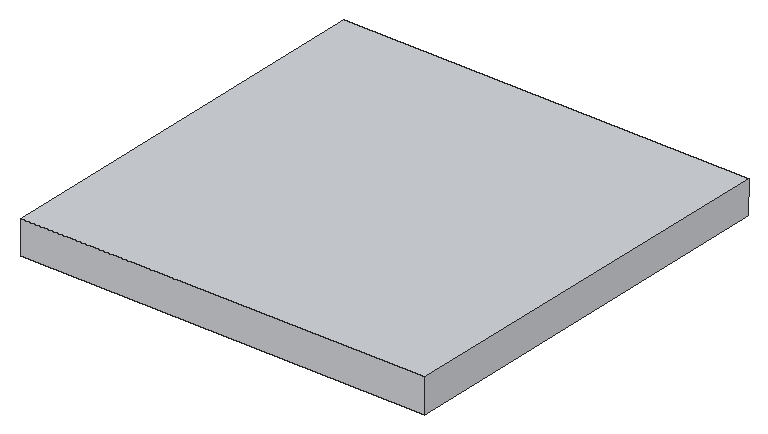
Revit family "61a1ba2d9dde4390a3d36128064703a0", category Air Terminals, host Face, Revit 2021
Family settings
  Host = Face
  Round Connector Dimension = Use Diameter
  Part Type = Normal
  OmniClass Number = 23.75.70.21.27
  OmniClass Title = Air Outlets and Inlets
  Seek Item ID = Rectangular Duct Connector - Exhaust Air - Air Terminal-0000-USA-ENU
  Cut with Voids When Loaded = No
  Shared = No
  Room Calculation Point = No
Parameters (values of type "Standard")
  Width = 12"
  TopArrowVisible [instance] = yes
  Thickness = 1"
  RightArrowVisible [instance] = yes
  LeftArrowVisible [instance] = yes
  Height = 12"
  Flow [instance] = 100 CFM
  Default Elevation = 0' - 0"
  BottomArrowVisible [instance] = yes
  Assembly Code = ""
  Arrow Offset = 1' - 4.94"
Reference planes (in)
  plane 1 "Center (Front/Back)": y = 0
  plane 2: z = 0
  plane 3 "Center (Left/Right)": x = 0
Forms (in)
  Sweep 1, solid
    path in 3D
      loop
        line (0, 0, 0) -> (0, 0, 1)
    profile "Duct - Rectangular : Duct - Rectangular" origin (0, 0, 0.5) x (0, -1, 0) y (1, 0, 0)
      loop
        line (-6, 6) -> (-6, -6) -> (6, -6) -> (6, 6) -> (-6, 6)
Lines and regions (in)
  reference lines
    curve 1: line (0, 0, 0) -> (0, 0, 1)
  sketch lines
    curve 2: line (0, 0, 0) -> (0, 0, 1)
Dimensions and locks (in)
  "Thickness": curve 1 to curve 1
  "Arrow Offset": nested 1 to plane 3 "Center (Left/Right)"
  "Arrow Offset": plane 1 "Center (Front/Back)" to nested 2
  "Arrow Offset": plane 3 "Center (Left/Right)" to nested 3
  "Arrow Offset": plane 1 "Center (Front/Back)" to nested 4
  aligned and locked: plane 2 to host face
  aligned and locked: level to host face
  aligned and locked: host face to curve 1
  aligned and locked: curve 1 to plane 1 "Center (Front/Back)"
  aligned and locked: plane 1 "Center (Front/Back)" to nested 1
  aligned and locked: nested 3 to plane 1 "Center (Front/Back)"
  aligned and locked: plane 3 "Center (Left/Right)" to nested 2
  aligned and locked: nested 4 to plane 3 "Center (Left/Right)"
Automatic sketch dimensions
  host sketch curve to host sketch curve = 8' - 0"  (x2)
Nested families (in)
  nested 1: "Duct Terminal Arrow_Reverse" at (-16.94, 0, 0), visible <- "LeftArrowVisible", type "Duct Terminal Arrow_Reverse"
  nested 2: "Duct Terminal Arrow_Reverse" at (0, -16.94, 0) x (0, 1, 0) z (0, 0, 1), visible <- "BottomArrowVisible", type "Duct Terminal Arrow_Reverse"
  nested 3: "Duct Terminal Arrow_Reverse" at (16.94, 0, 0) x (-1, 0, 0) z (0, 0, 1), visible <- "RightArrowVisible", type "Duct Terminal Arrow_Reverse"
  nested 4: "Duct Terminal Arrow_Reverse" at (0, 16.94, 0) x (0, -1, 0) z (0, 0, 1), visible <- "TopArrowVisible", type "Duct Terminal Arrow_Reverse"
Connectors (in)
  hvac at (0, 0, 1), driven by "Height", driven by "Width", driven by "Flow"
    settings: on Sweep 1, index 1, duct flow 100 CFM, flow factor 0, pres drop 0.00 in-wg, loss coef 0, conn angle 0.00°, conn width 12", conn height 12", conn diameter 24", duct sys type 3, conn prof type 1, flow config 1, flow direction 2, loss method 0, conn ref index -1, conn util no, is conn primary yes, conn desc ""
Definition of nested family "Duct Terminal Arrow_Reverse"
  Reference planes (in)
    plane 1: y = 0
    plane 2: x = 0
  Lines and regions (in)
    Filled region 1, type "Solid Black"
      outline origin (-1, 0, 0) x (1, 0, 0) y (0, 1, 0)
        loop
          line (1, 0) -> (0.875, 0.0455) -> (0.875, -0.0455) -> (1, 0)
    detail lines
      curve 1: line (-0.25, 0, 0) -> (0, 0, 0)
